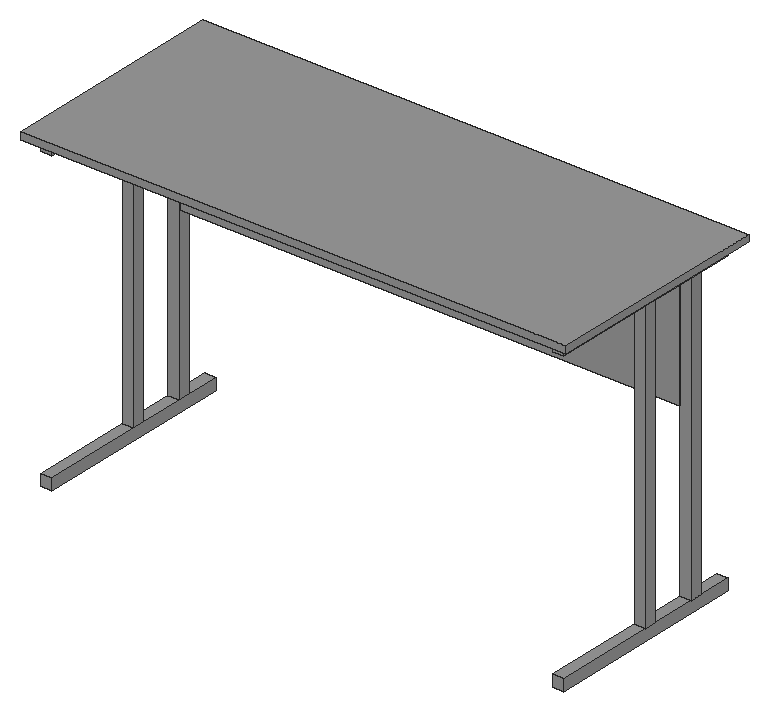
Revit family "АВЛН_Парта", category Мебель, Revit 2019
Family settings
  Номер OmniClass = 23.40.20.00
  Заголовок OmniClass = General Furniture and Specialties
  На основе рабочей плоскости = Нет
  Всегда вертикально = Да
  При загрузке вырезать с полостями = Нет
  Общий = Нет
  Точка расчета площади = Нет
Parameters (values of type "Стол ученический 2-местный № 4-6 групп роста 1200Х500Х700h")
  Описание = "Стол ученический двухместный регулируемый по\r\nвысоте и изменяемым углом наклона столешницы;\r\nстолешница ДСП ламинированная, габ.1200х500,\r\nрегулируемая высота № 4-6 групп роста"
  М_Столешница = Деревянная обшивка, ДСП
  М_Опор = Сталь, окрашенная, темно-серая, матовая
  Type Comments = ""
  Keynote = ""
  Изготовитель = "УП «СВ КЛАСС»"
  Группа модели = "Оборудование основных помещений школы"  # constant formula
  В_химия = no
  В_физика_биология = no
  В_пенал = ADSK_Размер_Длина < 1000 mm  # no
  ADSK_Размер_Ширина = 500 mm
  ADSK_Размер_Длина = 1200 mm
  ADSK_Размер_Высота = 700 mm
  ADSK_Обозначение = "ГОСТ 11015-93"
  ADSK_Масса = 0
  ADSK_Код изделия = ""
  ADSK_Единица измерения = "шт"  # constant formula
Types (7, lengths in mm): name | Описание | М_Столешница | М_Опор | Изготовитель | В_химия | В_физика_биология | В_пенал | ADSK_Размер_Ширина | ADSK_Размер_Длина | ADSK_Размер_Высота | ADSK_Обозначение
  (no name) | "Стол ученический двухместный регулируемый по\r\nвысоте и изменяемым углом наклона столешницы;\r\nстолешница ДСП ламинированная, габ.1200х500,\r\nрегулируемая высота № 4-6 групп роста" | Деревянная обшивка, ДСП | Сталь, окрашенная, темно-серая, матовая | "УП «СВ КЛАСС»" | no | no | no | 500 | 1200 | 700 | "ГОСТ 11015-93"
  Парта «Осанка плюс» 1-местный 500х600х600h | "Парта «Осанка плюс» 1-местный ученический с\r\nуглом наклона столешницы 10˚ ДСП\r\nламинированная, габ.600х500, регулируемая высота\r\n№ 1-4 групп роста" | none | none | "УП «СВ КЛАСС»" | no | no | yes | 500 | 600 | 600 | "ГОСТ 5994-93"
  Стол ученический 1-местный № 4-6 групп роста 500х600х700h | "Стол ученический 1-местный регулируемый ДСП\r\nламинированная, габ.600х500, регулируемая высота\r\n№ 4-6 групп роста" | none | none | "УП «СВ КЛАСС»" | no | no | yes | 500 | 600 | 700 | "ГОСТ 11015-93"
  Стол ученический 2-местный № 4-6 групп роста 1200Х500Х700h | "Стол ученический двухместный регулируемый по\r\nвысоте и изменяемым углом наклона столешницы;\r\nстолешница ДСП ламинированная, габ.1200х500,\r\nрегулируемая высота № 4-6 групп роста" | Деревянная обшивка, ДСП | Сталь, окрашенная, темно-серая, матовая | "УП «СВ КЛАСС»" | no | no | no | 500 | 1200 | 700 | "ГОСТ 11015-93"
  Стол лабораторный химии № 4-6 групп роста 1200х650х750h | "Стол ученический лабораторный химии (с\r\nрегулируемой высотой №4-6)\r\n1200х650х750(h)" | none | none | "УП «СВ КЛАСС»" | yes | no | no | 650 | 1200 | 750 | ""
  Стол лабораторный  физики/биологии № 4-6 групп роста 1200х650х750h | "Стол ученический лабораторный физики/биологии (с\r\nрегулируемой высотой №4-6)\r\n1200х650х750(h)" | none | none | "УП «СВ КЛАСС»" | no | yes | no | 650 | 1200 | 750 | ""
  Стол 1-местный для ММГН 1000х600х750h | "Стол 1-местный ученический для ММГН с\r\nрегулировкой по высоте, габ.1000х600х600-950(h)" | none | none | "«Доступная среда»" | no | no | no | 600 | 1000 | 750 | "СИ-1"
Reference planes
  plane 1 "По центру (Вперед/Назад)": y = 0
  plane 2 "низ": z = 0
  plane 3 "По центру (Влево/Вправо)": x = 0
  plane 4 "верх": z = 700
  plane 5 "справа": x = 600
  plane 6 "слева": x = -600
  plane 7: y = 250
  plane 8 "спереди": y = -250
  plane 9 "задняя панель": y = 125
Forms (mm)
  Extrusion 1, solid, material "Деревянная обшивка, ДСП" <- "М_Столешница"
    sketch origin (0, -518.993, 700) x (-1, 0, 0) y (0, 1, 0)
      loop
        line (600, 768.993) -> (-600, 768.993) -> (-600, 268.993) -> (600, 268.993) -> (600, 768.993)
    from 0 to 15
  Sweep 2, solid, material "Сталь, окрашенная, темно-серая, матовая" <- "М_Опор"
    path origin (-600, 0, 796.069) x (0, 0, 1) y (0, 1, 0)
      loop
        line (-111.069, 225) -> (-111.069, -225)
    profile origin (-600, 0, 685) x (0, 0, 1) y (-1, 0, 0)
      loop
        line (0, -25) -> (-25, -25) -> (-25, -50) -> (0, -50) -> (0, -25)
  Sweep 3, solid, material "Сталь, окрашенная, темно-серая, матовая" <- "М_Опор"
    path origin (600, 0, 944.362) x (0, 0, 1) y (0, 1, 0)
      loop
        line (-259.362, 225) -> (-259.362, -225)
    profile origin (600, 0, 685) x (0, 0, 1) y (-1, 0, 0)
      loop
        line (-25, 50) -> (-25, 25) -> (0, 25) -> (0, 50) -> (-25, 50)
  Sweep 4, solid, material "Сталь, окрашенная, темно-серая, матовая" <- "М_Опор"
    path origin (-600, 0, 236.069) x (0, 0, 1) y (0, 1, 0)
      loop
        line (-236.069, 225) -> (-236.069, -225)
    profile origin (-600, 0, 0) x (0, 0, 1) y (-1, 0, 0)
      loop
        line (0, -25) -> (0, -50) -> (25, -50) -> (25, -25) -> (0, -25)
  Sweep 5, solid, material "Сталь, окрашенная, темно-серая, матовая" <- "М_Опор"
    path origin (600, 0, 944.362) x (0, 0, 1) y (0, 1, 0)
      loop
        line (-944.362, 225) -> (-944.362, -225)
    profile origin (600, 0, 0) x (0, 0, 1) y (-1, 0, 0)
      loop
        line (0, 50) -> (0, 25) -> (25, 25) -> (25, 50) -> (0, 50)
  Sweep 6, solid, material "Сталь, окрашенная, темно-серая, матовая" <- "М_Опор"
    path origin (-600, 0, 796.069) x (0, 0, 1) y (0, 1, 0)
      loop
        line (-136.069, 125) -> (-771.069, 125)
    profile origin (-600, 125, 342.5) x (-1, 0, 0) y (0, -1, 0)
      loop
        line (-25, 0) -> (-50, 0) -> (-50, -25) -> (-25, -25) -> (-25, 0)
  Sweep 7, solid, material "Сталь, окрашенная, темно-серая, матовая" <- "М_Опор"
    path origin (-600, -125, 796.069) x (0, 0, 1) y (0, 1, 0)
      loop
        line (-136.069, 125) -> (-771.069, 125)
    profile origin (-600, 0, 342.5) x (-1, 0, 0) y (0, -1, 0)
      loop
        line (-25, 0) -> (-50, 0) -> (-50, -25) -> (-25, -25) -> (-25, 0)
  Sweep 8, solid, material "Сталь, окрашенная, темно-серая, матовая" <- "М_Опор"
    path origin (600, 0, 944.362) x (0, 0, 1) y (0, 1, 0)
      loop
        line (-284.362, 0) -> (-919.362, 0)
    profile origin (600, 0, 342.5) x (-1, 0, 0) y (0, -1, 0)
      loop
        line (50, 0) -> (25, 0) -> (25, -25) -> (50, -25) -> (50, 0)
  Sweep 9, solid, material "Сталь, окрашенная, темно-серая, матовая" <- "М_Опор"
    path origin (600, 0, 944.362) x (0, 0, 1) y (0, 1, 0)
      loop
        line (-284.362, 125) -> (-919.362, 125)
    profile origin (600, 125, 342.5) x (-1, 0, 0) y (0, -1, 0)
      loop
        line (50, 0) -> (25, 0) -> (25, -25) -> (50, -25) -> (50, 0)
  Extrusion 10, solid, material "Деревянная обшивка, ДСП" <- "М_Столешница"
    sketch origin (0, 125, 0) x (0, 0, 1) y (-1, 0, 0)
      loop
        line (660, 550) -> (400, 550) -> (400, -550) -> (660, -550) -> (660, 550)
    from 0 to -20
  Extrusion 11, solid, material "Деревянная обшивка, ДСП" <- "М_Столешница", visible <- "В_химия"
    sketch origin (0, -518.993, 700) x (-1, 0, 0) y (0, 1, 0)
      loop
        line (600, 768.993) -> (-600, 768.993) -> (-600, 518.993) -> (-580, 518.993) -> (-580, 748.993) -> (580, 748.993) -> (580, 518.993) -> (600, 518.993) -> (600, 768.993)
    from 0 to -100
Lines and regions (mm)
  model lines, visible <- "В_пенал"
    curve 1: line (600, 135, 700) -> (-600, 135, 700)
    curve 2: line (100, 250, 700) -> (100, 215, 700)
    curve 3: line (-100, 215, 700) -> (-100, 250, 700)
    curve 4: line (100, 215, 700) -> (-100, 215, 700)
  model lines, visible <- "В_физика_биология"
    curve 5: line (-17.333, 270, 700) -> (-67.333, 270, 700)
    curve 6: line (67.333, 270, 700) -> (17.333, 270, 700)
    curve 7: line (67.333, 250, 700) -> (67.333, 270, 700)
    curve 8: line (17.333, 270, 700) -> (17.333, 250, 700)
    curve 9: line (-17.333, 250, 700) -> (-17.333, 270, 700)
    curve 10: line (-67.333, 270, 700) -> (-67.333, 250, 700)
Dimensions and locks
  equal spacing: curve 2, plane 3 "По центру (Влево/Вправо)", curve 3
  locked: Extrusion 1 to curve 1 at 115
  "ADSK_Размер_Длина": Extrusion 1 to Extrusion 1
  "ADSK_Размер_Ширина": Extrusion 1 to Extrusion 1
  equal spacing: Extrusion 1, plane 3 "По центру (Влево/Вправо)", Extrusion 1
  equal spacing: Extrusion 1, plane 1 "По центру (Вперед/Назад)", Extrusion 1
  plane 2 "низ" to plane 4 "верх" = 700 mm
  "ADSK_Размер_Высота": plane 4 "верх" to plane 2 "низ"
  locked: Sweep 2 sketch curve to Extrusion 1 at 25
  locked: Extrusion 1 to Sweep 2 sketch curve at 25
  locked: Sweep 2 sketch curve to Sweep 2 sketch curve at 25
  locked: profile plane to Sweep 2 sketch curve at 25  (x2)
  equal spacing: plane 6 "слева", plane 3 "По центру (Влево/Вправо)", plane 5 "справа"
  "ADSK_Размер_Длина": plane 6 "слева" to plane 5 "справа"
  locked: Sweep 3 sketch curve to Sweep 3 sketch curve at 25  (x2)
  locked: Sweep 3 sketch curve to profile plane at 25
  locked: curve 3 to curve 2 at 200
  locked: Extrusion 1 to curve 4 at 35  (x2)
  Extrusion 1 to curve 4 = 35 mm
  equal spacing: plane 8 "спереди", plane 1 "По центру (Вперед/Назад)", plane 7
  "ADSK_Размер_Ширина": plane 7 to plane 8 "спереди"
  locked: Sweep 4 sketch curve to Sweep 4 sketch curve at 25
  locked: Sweep 4 sketch curve to profile plane at 25
  locked: profile plane to Sweep 4 sketch curve at 25
  locked: Sweep 5 sketch curve to Sweep 5 sketch curve at 25
  locked: Sweep 5 sketch curve to profile plane at 25  (x2)
  locked: Sweep 4 sketch curve to plane 8 "спереди" at 25
  locked: plane 7 to Sweep 4 sketch curve at 25
  locked: Sweep 5 sketch curve to plane 8 "спереди" at 25
  locked: plane 7 to Sweep 5 sketch curve at 25
  equal spacing: plane 7, plane 9 "задняя панель", plane 1 "По центру (Вперед/Назад)"
  locked: profile plane to Sweep 7 sketch curve at 25
  locked: Sweep 7 sketch curve to profile plane at 25
  locked: Sweep 7 sketch curve to Sweep 7 sketch curve at 25
  locked: profile plane to Sweep 6 sketch curve at 25
  locked: Sweep 6 sketch curve to Sweep 6 sketch curve at 25
  locked: Sweep 6 sketch curve to profile plane at 25
  locked: Sweep 8 sketch curve to profile plane at 25  (x2)
  locked: Sweep 8 sketch curve to Sweep 8 sketch curve at 25
  locked: Sweep 9 sketch curve to profile plane at 25  (x2)
  locked: Sweep 9 sketch curve to Sweep 9 sketch curve at 25
  locked: Extrusion 10 sketch curve to plane 6 "слева" at 50
  locked: plane 4 "верх" to Extrusion 10 sketch curve at 40
  locked: Extrusion 10 sketch curve to plane 5 "справа" at 50
  locked: plane 4 "верх" to Extrusion 10 sketch curve at 300
  equal spacing: curve 9, plane 3 "По центру (Влево/Вправо)", curve 8
  locked: curve 8 to curve 7 at 50
  locked: curve 10 to curve 9 at 50
  locked: curve 9 to curve 8 at 34.665
  locked: curve 6 to plane 7 at 20
  locked: curve 5 to plane 7 at 20
  aligned and locked: level to plane 2 "низ"
  aligned and locked: Extrusion 1 to curve 2
  aligned and locked: Extrusion 1 to curve 3
  aligned and locked: Extrusion 1 to Sweep 2 sketch curve
  aligned and locked: Sweep 2 sketch curve to profile plane
  aligned and locked: Extrusion 1 sketch curve to plane 7
  aligned and locked: Extrusion 1 sketch curve to plane 8 "спереди"
  aligned and locked: plane 5 "справа" to Extrusion 1 sketch curve
  aligned and locked: Extrusion 1 sketch curve to plane 6 "слева"
  aligned and locked: Sweep 4 sketch curve to profile plane
  aligned and locked: Sweep 5 sketch curve to profile plane
  aligned and locked: Sweep 5 sketch curve to plane 2 "низ"
  aligned and locked: Sweep 4 sketch curve to plane 2 "низ"
  aligned and locked: profile plane to Sweep 6 sketch curve
  aligned and locked: profile plane to Sweep 7 sketch curve
  aligned and locked: Sweep 7 sketch curve to plane 1 "По центру (Вперед/Назад)"
  aligned and locked: Sweep 2 to Sweep 7 sketch curve
  aligned and locked: Sweep 4 to Sweep 7 sketch curve
  aligned and locked: profile plane to Sweep 8 sketch curve
  aligned and locked: profile plane to Sweep 9 sketch curve
  aligned and locked: plane 1 "По центру (Вперед/Назад)" to nested 1
  aligned and locked: plane 3 "По центру (Влево/Вправо)" to nested 1
  aligned and locked: Extrusion 11 sketch curve to Extrusion 1  (x2)
  aligned and locked: Extrusion 1 to Extrusion 11 sketch curve
  aligned and locked: plane 1 "По центру (Вперед/Назад)" to Extrusion 11 sketch curve
  aligned and locked: curve 7 to Extrusion 1
  aligned and locked: curve 8 to Extrusion 1
  aligned and locked: curve 9 to Extrusion 1
  aligned and locked: curve 10 to Extrusion 1
Automatic sketch dimensions
  plane 4 "верх" to Sweep 3 sketch curve = 15 mm
  Sweep 3 sketch curve to plane 8 "спереди" = 25 mm
  Sweep 3 sketch curve to plane 7 = 25 mm
  Sweep 3 sketch curve to profile plane = 0 mm
  curve 1 to Extrusion 1 = 0 mm  (x2)
  curve 1 to Extrusion 1 = 115 mm
  Sweep 6 sketch curve to plane 9 "задняя панель" = 0 mm
  level to Sweep 6 sketch curve = 25 mm
  plane 4 "верх" to Sweep 6 sketch curve = 40 mm
  Sweep 8 sketch curve to plane 1 "По центру (Вперед/Назад)" = 0 mm
  level to Sweep 8 sketch curve = 25 mm
  plane 4 "верх" to Sweep 8 sketch curve = 40 mm
  Sweep 9 sketch curve to plane 9 "задняя панель" = 0 mm
  level to Sweep 9 sketch curve = 25 mm
  plane 4 "верх" to Sweep 9 sketch curve = 40 mm
  plane 5 "справа" to Extrusion 11 sketch curve = 20 mm
  Extrusion 11 sketch curve to plane 7 = 20 mm
  plane 1 "По центру (Вперед/Назад)" to Extrusion 11 sketch curve = 0 mm
  Extrusion 11 sketch curve to plane 6 "слева" = 20 mm
Nested families
  nested 1: "кран" at (0, 0, 700), visible <- "В_химия", type "кран"
Definition of nested family "кран"
  Parameters
    Default Elevation = 1219.2 mm
  Reference planes
    plane 1 "По центру (Вперед/Назад)": y = 0
    plane 2: z = 0
    plane 3 "По центру (Влево/Вправо)": x = 0
  Lines and regions (mm)
    model lines
      curve 1: circle (0, 17.5, 0) r 65.015 normal (0, 0, 1)
      curve 2: circle (0, 0, 0) r 17.5 normal (0, 0, 1)
      curve 3: circle (0.243, 157.799, 0) r 9.658 normal (0, 0, 1)
      curve 4: arc (-11.1, 19.903, 0) -> (0, 10.107, 0) -> (11.1, 19.903, 0) r 11.187
      curve 5: line (-17.73, 72.837, 0) -> (-11.1, 19.903, 0)
      curve 6: line (11.1, 19.903, 0) -> (17.73, 72.837, 0)
      curve 7: arc (-21, 82.35, 0) -> (0, 63.164, 0) -> (21, 82.35, 0) r 21.086
      curve 8: arc (-13.6, 84.522, 0) -> (0, 70.922, 0) -> (13.6, 84.522, 0) r 13.6
      curve 9: line (13.6, 99.393, 0) -> (13.6, 84.522, 0)
      curve 10: line (-13.6, 84.522, 0) -> (-13.6, 99.393, 0)
      curve 11: line (-13.6, 99.393, 0) -> (13.6, 99.393, 0)
      curve 12: line (21, 82.35, 0) -> (24.035, 124.508, 0)
      curve 13: line (-21, 82.35, 0) -> (-24.035, 124.508, 0)
      curve 14: arc (23.384, 115.46, 0) -> (0, 149.303, 0) -> (-23.384, 115.46, 0) r 25
      curve 15: arc (24.035, 124.508, 0) -> (0, 148.339, 0) -> (-24.035, 124.508, 0) r 24.036
  Dimensions and locks
    aligned and locked: level to plane 2
